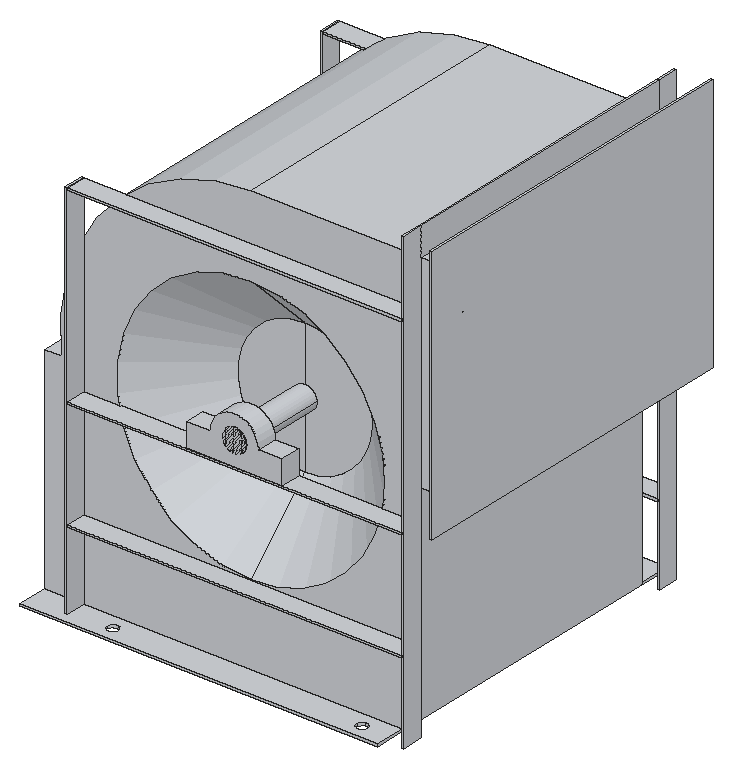
Revit family "CA_DWDI_CCW_THD", category Mechanical Equipment, Revit 2019
Family settings
  Round Connector Dimension = Use Radius
  Part Type = Normal
  Work Plane-Based = No
  Always vertical = Yes
  Cut with Voids When Loaded = No
  Shared = No
  Room Calculation Point = No
Parameters (values of type "120_CA-DWDI_CCW_THD_CLASS_1")
  X/2 = X / 2  # 0' - 10 31/32"
  X = 1' - 9 15/16"
  W/2 = W / 2  # 0' - 0 11/32"
  W = 0' - 0 11/16"
  V = 1' - 6"
  Unit Weight [instance] = ""
  U = 0' - 7 1/2"
  T = 0' - 9 31/32"
  Sones [instance] = ""
  S = 1' - 7 15/16"
  R/2 = R / 2  # 0' - 0 23/32"
  R+R = R + R  # 0' - 2 7/8"
  R = 0' - 1 7/16"
  P-N-M = P - N - M  # 0' - 1 1/4"
  P-N = -(P - N)  # -1' - 10 15/16"
  P = 2' - 4 11/16"
  N = 0' - 5 3/4"
  Motor RPM [instance] = ""
  Motor Enclosure [instance] = ""
  ModelID [instance] = ""
  M/2 = M / 2  # 0' - 10 27/32"
  M = 1' - 9 11/16"
  LwA [instance] = ""
  L = M / 2  # 0' - 10 27/32"
  K = 1' - 9 1/2"
  J = 1' - 0 3/8"
  INLET/2 = INLET / 2  # 0' - 8 1/16"
  INLET = 1' - 4 1/8"
  H = 2' - 0 1/2"
  G/5*3 = INLET / 2  # 0' - 8 1/16"
  G/10*3 = INLET / 4  # 0' - 4 1/32"
  G-2.5" = G - R  # 0' - 11 9/16"
  G-(G/5*3) = G - (INLET / 2)  # 0' - 4 15/16"
  G+((G/5*3)+2") = G + ((INLET / 2) + 0' 2")  # 1' - 11 1/16"
  G = 1' - 1"
  Fan RPM [instance] = ""
  F-((D-A)/2) = F - ((D - A) / 2)  # 2' - 1 7/8"
  F = 2' - 3 9/16"
  E/2 = E / 2  # 0' - 10 17/32"
  E = 1' - 9 1/16"
  D/2 = D / 2  # 0' - 7 3/4"
  D = 1' - 3 1/2"
  B/2 = B / 2  # 0' - 8 27/32"
  B+.25" = B + 0' 0 1/4"  # 1' - 5 15/16"
  B = 1' - 5 11/16"
  Accessories [instance] = ""
  A/2 = A / 2  # 0' - 6 1/16"
  A+.25" = A + 0' 0 1/4"  # 1' - 0 3/8"
  A = 1' - 0 1/8"
  3" = 0' - 3"  # constant formula
  Brake Hp [instance] = ""
  4" = 0' - 4"  # constant formula
  2' = 2' - 0"
  2" = 0' - 2"  # constant formula
  1" = 0' - 1"  # constant formula
  0 = 0' - 0"  # constant formula
  Voltage [instance] = 0 V
  URL = "www.lorencook.com"
  Type Comments = "Airfoil Centrifugal Blower Counter-Clockwise Top Horizontal Arrangement 3 Class 1"
  Static Pressure [instance] = 0.00 in-wg
  Power [instance] = Voltage * Motor FLA * sqrt(if(Phase = 3, 3, 1))  # 0 VA
  Phase [instance] = 0
  Number of Poles [instance] = 1
  Motor Hp [instance] = "0"
  Motor FLA [instance] = 0 A
  Model = "CA DWDI"  # constant formula
  Manufacturer = "Loren Cook Company"
  CFM [instance] = 0 CFM
  1.5 = 0' - 1 1/2"  # constant formula
  ONE EIGTH = 0' - 0 1/8"  # constant formula
  -P = -P  # -2' - 4 11/16"
  -((B+.25")/2) = -((B + 0' 0 1/4") / 2)  # -0' - 8 31/32"
  (M-(B+.25"))/2 = (M - (B + 0' 0 1/4")) / 2  # 0' - 1 7/8"
  (G/5*3)+2" = (INLET / 2) + 0' 2"  # 0' - 10 1/16"
  ((B+.25")/2) = ((B + 0' 0 1/4") / 2)  # 0' - 8 31/32"
Reference planes (in)
  plane 1 "Center (Front/Back)": y = 0
  plane 2: z = 0
  plane 3 "Center (Left/Right)": x = 0.40541
Forms (in)
  Extrusion 1, solid
    sketch origin (0, 0, 0) x (1, 0, 0) y (0, 0, 1)
      loop
        arc (0.40541, 25.875) -> (-8.18464, 22.00189) -> (-10.96959, 13) r 11.46238
        line (-10.96959, 13) -> (-11.96959, 13) -> (-11.96959, 0) -> (9.53041, 0) -> (9.53041, 13.5) -> (12.53041, 13.5) -> (12.53041, 25.875) -> (0.40541, 25.875)
    from -8.96875 <- "-((B+.25")/2)" to 8.96875 <- "((B+.25")/2)"
  Revolve 2, void
    sketch origin (0.40541, 0, 0) x (0, 1, 0) y (0, 0, 1)
      loop
        line (8.96875, 21.0625) -> (4.9375, 17.03125) -> (4.9375, 13) -> (8.96875, 13) -> (8.96875, 21.0625)
      loop
        line (-8.96875, 21.0625) -> (-8.96875, 13) -> (-4.9375, 13) -> (-4.9375, 17.03125) -> (-8.96875, 21.0625)
      axis (8.96875, 13) -> (-8.96875, 13)
    angle from 0 to 360
  Extrusion 3, solid
    sketch origin (12.53041, 0, 25.875) x (0, 0, -1) y (0, 1, 0)
      loop
        line (-1.6875, -10.53125) -> (13.8125, -10.53125) -> (13.8125, 10.53125) -> (-1.6875, 10.53125) -> (-1.6875, -10.53125)
    from 0 to -0.125
  Extrusion 4, solid
    sketch origin (0, 0, 0) x (1, 0, 0) y (0, 1, 0)
      loop
        line (9.53041, 10.84375) -> (-11.96959, 10.84375) -> (-11.96959, 8.96875) -> (9.53041, 8.96875) -> (9.53041, 10.84375)
      loop
        line (-11.96959, -10.84375) -> (9.53041, -10.84375) -> (9.53041, -8.96875) -> (-11.96959, -8.96875) -> (-11.96959, -10.84375)
    from 0 to 0.125
  Extrusion 5, void
    sketch origin (0, 0, 0) x (1, 0, 0) y (0, 1, 0)
      loop
        circle (7.90541, 9.96875) r 0.34375
      loop
        circle (-7.09459, 9.96875) r 0.34375
      loop
        circle (-25.09459, 9.96875) r 0.34375
      loop
        circle (-25.09459, -9.96875) r 0.34375
      loop
        circle (-7.09459, -9.96875) r 0.34375
      loop
        circle (7.90541, -9.96875) r 0.34375
    from 0 to 0.125
  Extrusion 6, solid
    sketch origin (0, -10.21875, 0) x (1, 0, 0) y (0, 0, 1)
      loop
        circle (0.40541, 13) r 0.71875
    from 0 <- "0" to -28.6875 <- "-P"
  Extrusion 7, solid
    sketch origin (0, -8.96875, 0) x (1, 0, 0) y (0, 0, 1)
      loop
        line (10.46791, 27.5625) -> (10.46791, 0) -> (10.59291, 0) -> (10.59291, 27.5625) -> (10.46791, 27.5625)
      loop
        line (-9.65709, 0) -> (-9.65709, 23.0625) -> (-9.78209, 23.0625) -> (-9.78209, 0) -> (-9.65709, 0)
    from 0 to 1.25 <- "P-N-M"
  Extrusion 8, solid
    sketch origin (0, -8.96875, 0) x (1, 0, 0) y (0, 0, 1)
      loop
        line (-9.65709, 23.0625) -> (-9.65709, 22.9375) -> (10.46791, 22.9375) -> (10.46791, 23.0625) -> (-9.65709, 23.0625)
      loop
        line (-9.65709, 4.9375) -> (-9.65709, 4.8125) -> (10.46791, 4.8125) -> (10.46791, 4.9375) -> (-9.65709, 4.9375)
      loop
        line (10.46791, 11.5625) -> (-9.65709, 11.5625) -> (-9.65709, 11.4375) -> (10.46791, 11.4375) -> (10.46791, 11.5625)
    from 0 to 1.25 <- "P-N-M"
  Extrusion 9, solid
    sketch origin (0, -8.96875, 0) x (1, 0, 0) y (0, 0, 1)
      loop
        arc (1.84291, 13) -> (0.40541, 14.4375) -> (-1.03209, 13) r 1.4375
        line (-1.03209, 13) -> (-2.46959, 13) -> (-2.46959, 11.5625) -> (3.28041, 11.5625) -> (3.28041, 13) -> (1.84291, 13)
    from 0 to 1.25 <- "P-N-M"
  Extrusion 10, solid
    sketch origin (0, 8.96875, 0) x (-1, 0, 0) y (0, 0, 1)
      loop
        line (-10.46791, 0.125) -> (-10.46791, 27.5625) -> (-10.59291, 27.5625) -> (-10.59291, 0.125) -> (-10.46791, 0.125)
      loop
        line (9.65709, 23.0625) -> (9.65709, 0.125) -> (9.78209, 0.125) -> (9.78209, 23.0625) -> (9.65709, 23.0625)
    from 0 to 1.25 <- "P-N-M"
  Extrusion 11, solid
    sketch origin (0, 8.96875, 0) x (-1, 0, 0) y (0, 0, 1)
      loop
        line (-10.46791, 23.0625) -> (-10.46791, 22.9375) -> (9.65709, 22.9375) -> (9.65709, 23.0625) -> (-10.46791, 23.0625)
      loop
        line (9.65709, 11.5625) -> (-10.46791, 11.5625) -> (-10.46791, 11.4375) -> (9.65709, 11.4375) -> (9.65709, 11.5625)
      loop
        line (-10.46791, 4.9375) -> (-10.46791, 4.8125) -> (9.65709, 4.8125) -> (9.65709, 4.9375) -> (-10.46791, 4.9375)
    from 0 to 1.25 <- "P-N-M"
  Extrusion 12, solid
    sketch origin (0, 8.96875, 0) x (-1, 0, 0) y (0, 0, 1)
      loop
        arc (1.03209, 13) -> (-0.40541, 14.4375) -> (-1.84291, 13) r 1.4375
        line (-1.84291, 13) -> (-3.28041, 13) -> (-3.28041, 11.5625) -> (2.46959, 11.5625) -> (2.46959, 13) -> (1.03209, 13)
    from 0 to 1.25 <- "P-N-M"
  Extrusion 13, solid
    sketch origin (10.46791, -8.96875, 0) x (0, 0, 1) y (0, 1, 0)
      loop
        line (27.5625, 17.9375) -> (25.875, 17.9375) -> (25.875, 0) -> (27.5625, 0) -> (27.5625, 17.9375)
    from 0 to -0.125
Cuts and joins
  Revolve 2, Extrusion 5 cuts Extrusion 1
  Extrusion 5 cuts Extrusion 4
Dimensions and locks (in)
  "F-((D-A)/2)": Extrusion 1 sketch curve to level
  "A+.25"": Extrusion 1 sketch curve to Extrusion 1 sketch curve
  "J": plane 3 "Center (Left/Right)" to Extrusion 1 sketch curve
  "K": Extrusion 1 sketch curve to Extrusion 1 sketch curve
  "H": Extrusion 1 sketch curve to Extrusion 1 sketch curve
  "G": Extrusion 1 sketch curve to level
  "1"": Extrusion 1 sketch curve to Extrusion 1 sketch curve
  "0": Extrusion 1 sketch curve to level
  "0": Extrusion 1 sketch curve to plane 3 "Center (Left/Right)"
  "0": Extrusion 1 to Revolve 2 sketch curve
  "0": Revolve 2 sketch curve to Extrusion 1
  "G": level to Revolve 2 sketch curve
  "G": Revolve 2 sketch curve to level  (x2)
  "G/10*3": Revolve 2 sketch curve to Revolve 2 sketch curve  (x4)
  "E/2": Extrusion 3 sketch curve to plane 1 "Center (Front/Back)"
  "E/2": plane 1 "Center (Front/Back)" to Extrusion 3 sketch curve
  "F": level to Extrusion 3 sketch curve
  "D": Extrusion 3 sketch curve to Extrusion 3 sketch curve
  "0": cut or joined group of Extrusion 1, Revolve 2, Extrusion 5 to Extrusion 4 sketch curve  (x3)
  "0": Extrusion 4 sketch curve to cut or joined group of Extrusion 1, Revolve 2, Extrusion 5  (x3)
  "M/2": Extrusion 4 sketch curve to plane 1 "Center (Front/Back)"
  "M/2": plane 1 "Center (Front/Back)" to Extrusion 4 sketch curve
  "T": plane 1 "Center (Front/Back)" to Extrusion 5 sketch curve  (x3)
  "T": Extrusion 5 sketch curve to plane 1 "Center (Front/Back)"  (x3)
  "U": Extrusion 5 sketch curve to plane 3 "Center (Left/Right)"  (x2)
  "U": plane 3 "Center (Left/Right)" to Extrusion 5 sketch curve  (x2)
  "V": Extrusion 5 sketch curve to Extrusion 5 sketch curve  (x2)
  "G": Extrusion 6 sketch curve to level
  "0": Extrusion 6 sketch curve to plane 3 "Center (Left/Right)"
  "0": Extrusion 7 sketch curve to Extrusion 3
  "0": Extrusion 7 sketch curve to level  (x2)
  "ONE EIGTH": Extrusion 7 sketch curve to Extrusion 7 sketch curve  (x2)
  "(G/5*3)+2"": Extrusion 7 sketch curve to plane 3 "Center (Left/Right)"
  "(G/5*3)+2"": plane 3 "Center (Left/Right)" to Extrusion 7 sketch curve
  "G+((G/5*3)+2")": Extrusion 7 sketch curve to level
  "(G/5*3)+2"": plane 3 "Center (Left/Right)" to Extrusion 8 sketch curve  (x3)
  "(G/5*3)+2"": Extrusion 8 sketch curve to plane 3 "Center (Left/Right)"  (x3)
  "0": Extrusion 8 sketch curve to Extrusion 7
  "ONE EIGTH": Extrusion 8 sketch curve to Extrusion 8 sketch curve  (x3)
  "G-(G/5*3)": Extrusion 8 sketch curve to level
  "G-2.5"": Extrusion 8 sketch curve to level
  "R+R": plane 3 "Center (Left/Right)" to Extrusion 9 sketch curve
  "R+R": Extrusion 9 sketch curve to plane 3 "Center (Left/Right)"
  "0": Extrusion 9 sketch curve to plane 3 "Center (Left/Right)"
  "G": Extrusion 9 sketch curve to cut or joined group of Extrusion 4, Extrusion 5
  "0": Extrusion 9 sketch curve to Extrusion 9 sketch curve  (x2)
  "0": Extrusion 9 sketch curve to Extrusion 8
  "ONE EIGTH": level to Extrusion 10 sketch curve  (x2)
  "0": Extrusion 8 to Extrusion 10 sketch curve
  "0": Extrusion 10 sketch curve to Extrusion 7
  "ONE EIGTH": Extrusion 10 sketch curve to Extrusion 10 sketch curve  (x2)
  "(G/5*3)+2"": Extrusion 10 sketch curve to plane 3 "Center (Left/Right)"
  "(G/5*3)+2"": plane 3 "Center (Left/Right)" to Extrusion 10 sketch curve
  "(G/5*3)+2"": Extrusion 11 sketch curve to plane 3 "Center (Left/Right)"  (x3)
  "(G/5*3)+2"": plane 3 "Center (Left/Right)" to Extrusion 11 sketch curve  (x3)
  "ONE EIGTH": Extrusion 11 sketch curve to Extrusion 11 sketch curve  (x3)
  "0": Extrusion 8 to Extrusion 11 sketch curve  (x3)
  "0": Extrusion 12 sketch curve to Extrusion 11
  "G": level to Extrusion 12 sketch curve  (x3)
  "R+R": plane 3 "Center (Left/Right)" to Extrusion 12 sketch curve
  "R+R": Extrusion 12 sketch curve to plane 3 "Center (Left/Right)"
  "0": Extrusion 12 sketch curve to plane 3 "Center (Left/Right)"
  "0": cut or joined group of Extrusion 1, Revolve 2, Extrusion 5 to Extrusion 13 sketch curve
  "0": Extrusion 13 sketch curve to cut or joined group of Extrusion 1, Revolve 2, Extrusion 5  (x2)
  "0": Extrusion 7 to Extrusion 13 sketch curve
  "INLET/2": Revolve 2 sketch curve to Revolve 2 sketch curve  (x2)
  "W/2": radius of Extrusion 5 sketch curve  (x6)
  "R/2": radius of Extrusion 6 sketch curve
  "R": radius of Extrusion 9 sketch curve
  "R": radius of Extrusion 12 sketch curve
Automatic sketch dimensions
  Extrusion 9 sketch curve to Extrusion 9 sketch curve = 0' - 0"
  plane 1 "Center (Front/Back)" to Revolve 2 sketch curve = 0' - 3.84814"
  Revolve 2 sketch curve to Revolve 2 sketch curve = 0' - 0"
Connectors (in)
  hvac at (0.40541, -8.96875, 13), driven by "INLET/2"
    settings: on cut or joined group of Extrusion 1, Revolve 2, Extrusion 5, index 1, duct flow 0 CFM, flow factor 0, pres drop 0.00 in-wg, loss coef 0, conn angle 0.00°, conn width 12", conn height 12", conn diameter 16 1/8", duct sys type 29, conn prof type 0, flow config 0, flow direction 1, loss method 0, conn ref index -1, conn util no, is conn primary yes, conn desc ""
  hvac at (12.53041, 0, 19.6875), driven by "A", driven by "B"
    settings: on cut or joined group of Extrusion 1, Revolve 2, Extrusion 5, index 2, duct flow 0 CFM, flow factor 0, pres drop 0.00 in-wg, loss coef 0, conn angle 0.00°, conn width 17 11/16", conn height 12 1/8", conn diameter 24", duct sys type 29, conn prof type 1, flow config 0, flow direction 2, loss method 0, conn ref index -1, conn util no, is conn primary no, conn desc ""
  hvac at (0.40541, 8.96875, 13), driven by "INLET/2"
    settings: on cut or joined group of Extrusion 1, Revolve 2, Extrusion 5, index 3, duct flow 0 CFM, flow factor 0, pres drop 0.00 in-wg, loss coef 0, conn angle 0.00°, conn width 12", conn height 12", conn diameter 16 1/8", duct sys type 29, conn prof type 0, flow config 0, flow direction 1, loss method 0, conn ref index -1, conn util no, is conn primary no, conn desc ""
Types (61): name | X/2 | X | W/2 | W | V | U | T | S | R/2 | R+R | R | P-N-M | P-N | P | N | M/2 | M | L | K | J | INLET/2 | INLET | H | G/5*3 | G/10*3 | G-2.5" | G-(G/5*3) | G+((G/5*3)+2") | G | F-((D-A)/2) | F | E/2 | E | D/2 | D | B/2 | B+.25" | B | A/2 | A+.25" | A | Type Comments | -P | -((B+.25")/2) | (M-(B+.25"))/2 | (G/5*3)+2" | ((B+.25")/2)
  (no name) | 0' - 10 31/32" | 1' - 9 15/16" | 0' - 0 11/32" | 0' - 0 11/16" | 1' - 6" | 0' - 7 1/2" | 0' - 9 31/32" | 1' - 7 15/16" | 0' - 0 23/32" | 0' - 2 7/8" | 0' - 1 7/16" | 0' - 1 1/4" | -1' - 10 15/16" | 2' - 4 11/16" | 0' - 5 3/4" | 0' - 10 27/32" | 1' - 9 11/16" | 0' - 10 27/32" | 1' - 9 1/2" | 1' - 0 3/8" | 0' - 8 1/16" | 1' - 4 1/8" | 2' - 0 1/2" | 0' - 8 1/16" | 0' - 4 1/32" | 0' - 11 9/16" | 0' - 4 15/16" | 1' - 11 1/16" | 1' - 1" | 2' - 1 7/8" | 2' - 3 9/16" | 0' - 10 17/32" | 1' - 9 1/16" | 0' - 7 3/4" | 1' - 3 1/2" | 0' - 8 27/32" | 1' - 5 15/16" | 1' - 5 11/16" | 0' - 6 1/16" | 1' - 0 3/8" | 1' - 0 1/8" | "Airfoil Centrifugal Blower Counter-Clockwise Top Horizontal Arrangement 3 Class 1" | -2' - 4 11/16" | -0' - 8 31/32" | 0' - 1 7/8" | 0' - 10 1/16" | 0' - 8 31/32"
  120_CA-DWDI_CCW_THD_CLASS_1 | 0' - 10 31/32" | 1' - 9 15/16" | 0' - 0 11/32" | 0' - 0 11/16" | 1' - 6" | 0' - 7 1/2" | 0' - 9 31/32" | 1' - 7 15/16" | 0' - 0 23/32" | 0' - 2 7/8" | 0' - 1 7/16" | 0' - 1 1/4" | -1' - 10 15/16" | 2' - 4 11/16" | 0' - 5 3/4" | 0' - 10 27/32" | 1' - 9 11/16" | 0' - 10 27/32" | 1' - 9 1/2" | 1' - 0 3/8" | 0' - 8 1/16" | 1' - 4 1/8" | 2' - 0 1/2" | 0' - 8 1/16" | 0' - 4 1/32" | 0' - 11 9/16" | 0' - 4 15/16" | 1' - 11 1/16" | 1' - 1" | 2' - 1 7/8" | 2' - 3 9/16" | 0' - 10 17/32" | 1' - 9 1/16" | 0' - 7 3/4" | 1' - 3 1/2" | 0' - 8 27/32" | 1' - 5 15/16" | 1' - 5 11/16" | 0' - 6 1/16" | 1' - 0 3/8" | 1' - 0 1/8" | "Airfoil Centrifugal Blower Counter-Clockwise Top Horizontal Arrangement 3 Class 1" | -2' - 4 11/16" | -0' - 8 31/32" | 0' - 1 7/8" | 0' - 10 1/16" | 0' - 8 31/32"
  135_CA-DWDI_CCW_THD_CLASS_1 | 1' - 0 3/32" | 2' - 0 3/16" | 0' - 0 11/32" | 0' - 0 11/16" | 1' - 6" | 0' - 8 1/2" | 0' - 11 3/32" | 1' - 10 3/16" | 0' - 0 23/32" | 0' - 2 7/8" | 0' - 1 7/16" | 0' - 1 1/4" | -2' - 1 3/16" | 2' - 6 15/16" | 0' - 5 3/4" | 0' - 11 31/32" | 1' - 11 15/16" | 0' - 11 31/32" | 2' - 0" | 1' - 1 7/8" | 0' - 8 13/16" | 1' - 5 5/8" | 2' - 3" | 0' - 8 13/16" | 0' - 4 13/32" | 1' - 0 9/16" | 0' - 5 3/16" | 2' - 0 13/16" | 1' - 2" | 2' - 4 1/2" | 2' - 6 3/16" | 0' - 11 21/32" | 1' - 11 5/16" | 0' - 8 1/2" | 1' - 5" | 0' - 9 31/32" | 1' - 8 3/16" | 1' - 7 15/16" | 0' - 6 13/16" | 1' - 1 7/8" | 1' - 1 5/8" | "Airfoil Centrifugal Blower Counter-Clockwise Top Horizontal Arrangement 3 Class 1" | -2' - 6 15/16" | -0' - 10 3/32" | 0' - 1 7/8" | 0' - 10 13/16" | 0' - 10 3/32"
  150_CA-DWDI_CCW_THD_CLASS_1 | 1' - 1 1/8" | 2' - 2 1/4" | 0' - 0 11/32" | 0' - 0 11/16" | 1' - 6" | 0' - 9" | 1' - 0 1/8" | 2' - 0 1/4" | 0' - 0 27/32" | 0' - 3 3/8" | 0' - 1 11/16" | 0' - 1 5/8" | -2' - 3 5/8" | 2' - 10 1/4" | 0' - 6 5/8" | 1' - 1" | 2' - 2" | 1' - 1" | 2' - 2" | 1' - 3 3/16" | 0' - 9 9/16" | 1' - 7 1/8" | 2' - 5" | 0' - 9 9/16" | 0' - 4 25/32" | 1' - 1 5/16" | 0' - 5 7/16" | 2' - 2 9/16" | 1' - 3" | 2' - 7 1/8" | 2' - 8 13/16" | 1' - 0 11/16" | 2' - 1 3/8" | 0' - 9 5/16" | 1' - 6 5/8" | 0' - 11" | 1' - 10 1/4" | 1' - 10" | 0' - 7 5/8" | 1' - 3 1/2" | 1' - 3 1/4" | "Airfoil Centrifugal Blower Counter-Clockwise Top Horizontal Arrangement 3 Class 1" | -2' - 10 1/4" | -0' - 11 1/8" | 0' - 1 7/8" | 0' - 11 9/16" | 0' - 11 1/8"
  165_CA-DWDI_CCW_THD_CLASS_1 | 1' - 2 1/8" | 2' - 4 1/4" | 0' - 0 11/32" | 0' - 0 11/16" | 1' - 6" | 0' - 10" | 1' - 1 1/8" | 2' - 2 1/4" | 0' - 0 27/32" | 0' - 3 3/8" | 0' - 1 11/16" | 0' - 1 5/8" | -2' - 5 5/8" | 3' - 0 1/4" | 0' - 6 5/8" | 1' - 2" | 2' - 4" | 1' - 2" | 2' - 4 1/2" | 1' - 4 5/8" | 0' - 10 19/32" | 1' - 9 3/16" | 2' - 7 1/2" | 0' - 10 19/32" | 0' - 5 19/64" | 1' - 3 5/16" | 0' - 6 13/32" | 2' - 5 19/32" | 1' - 5" | 2' - 10 3/4" | 3' - 0 7/16" | 1' - 1 11/16" | 2' - 3 3/8" | 0' - 10 5/32" | 1' - 8 5/16" | 1' - 0" | 2' - 0 1/4" | 2' - 0" | 0' - 8 15/32" | 1' - 5 3/16" | 1' - 4 15/16" | "Airfoil Centrifugal Blower Counter-Clockwise Top Horizontal Arrangement 3 Class 1" | -3' - 0 1/4" | -1' - 0 1/8" | 0' - 1 7/8" | 1' - 0 19/32" | 1' - 0 1/8"
  180_CA-DWDI_CCW_THD_CLASS_1 | 1' - 3 5/32" | 2' - 6 5/16" | 0' - 0 11/32" | 0' - 0 11/16" | 1' - 6" | 0' - 11" | 1' - 2 5/32" | 2' - 4 5/16" | 0' - 0 27/32" | 0' - 3 3/8" | 0' - 1 11/16" | 0' - 1 5/8" | -2' - 7 11/16" | 3' - 2 13/16" | 0' - 7 1/8" | 1' - 3 1/32" | 2' - 6 1/16" | 1' - 3 1/32" | 2' - 6 3/4" | 1' - 6 1/8" | 0' - 11 11/32" | 1' - 10 11/16" | 2' - 9 3/4" | 0' - 11 11/32" | 0' - 5 43/64" | 1' - 4 5/16" | 0' - 6 21/32" | 2' - 7 11/32" | 1' - 6" | 3' - 1 3/8" | 3' - 3 1/16" | 1' - 2 23/32" | 2' - 5 7/16" | 0' - 10 15/16" | 1' - 9 7/8" | 1' - 1 1/32" | 2' - 2 5/16" | 2' - 2 1/16" | 0' - 9 1/4" | 1' - 6 3/4" | 1' - 6 1/2" | "Airfoil Centrifugal Blower Counter-Clockwise Top Horizontal Arrangement 3 Class 1" | -3' - 2 13/16" | -1' - 1 5/32" | 0' - 1 7/8" | 1' - 1 11/32" | 1' - 1 5/32"
  195_CA-DWDI_CCW_THD_CLASS_1 | 1' - 4 11/32" | 2' - 8 11/16" | 0' - 0 11/32" | 0' - 0 11/16" | 0' - 6" | 0' - 11 1/2" | 1' - 3 11/32" | 2' - 6 11/16" | 0' - 0 31/32" | 0' - 3 7/8" | 0' - 1 15/16" | 0' - 2" | -2' - 10 7/16" | 3' - 5 11/16" | 0' - 7 1/4" | 1' - 4 7/32" | 2' - 8 7/16" | 1' - 4 7/32" | 2' - 9" | 1' - 7 7/16" | 1' - 0 3/32" | 2' - 0 3/16" | 3' - 0 1/4" | 1' - 0 3/32" | 0' - 6 3/64" | 1' - 6 1/16" | 0' - 7 29/32" | 2' - 10 3/32" | 1' - 8" | 3' - 5" | 3' - 6 11/16" | 1' - 3 29/32" | 2' - 7 13/16" | 0' - 11 7/16" | 1' - 10 7/8" | 1' - 2 7/32" | 2' - 4 11/16" | 2' - 4 7/16" | 0' - 9 3/4" | 1' - 7 3/4" | 1' - 7 1/2" | "Airfoil Centrifugal Blower Counter-Clockwise Top Horizontal Arrangement 3 Class 1" | -3' - 5 11/16" | -1' - 2 11/32" | 0' - 1 7/8" | 1' - 2 3/32" | 1' - 2 11/32"
  210_CA-DWDI_CCW_THD_CLASS_1 | 1' - 5 5/16" | 2' - 10 5/8" | 0' - 0 13/32" | 0' - 0 13/16" | 0' - 7" | 1' - 0" | 1' - 4 5/16" | 2' - 8 5/8" | 0' - 0 31/32" | 0' - 3 7/8" | 0' - 1 15/16" | 0' - 1 7/8" | -3' - 0 1/4" | 3' - 8 1/8" | 0' - 7 7/8" | 1' - 5 3/16" | 2' - 10 3/8" | 1' - 5 3/16" | 3' - 2" | 1' - 9" | 1' - 0 31/32" | 2' - 1 15/16" | 3' - 5" | 1' - 0 31/32" | 0' - 6 31/64" | 1' - 7 1/16" | 0' - 8 1/32" | 2' - 11 31/32" | 1' - 9" | 3' - 7 11/16" | 3' - 9 3/8" | 1' - 4 7/8" | 2' - 9 3/4" | 1' - 0 1/2" | 2' - 1" | 1' - 3 3/16" | 2' - 6 5/8" | 2' - 6 3/8" | 0' - 10 13/16" | 1' - 9 7/8" | 1' - 9 5/8" | "Airfoil Centrifugal Blower Counter-Clockwise Top Horizontal Arrangement 3 Class 1" | -3' - 8 1/8" | -1' - 3 5/16" | 0' - 1 7/8" | 1' - 2 31/32" | 1' - 3 5/16"
  225_CA-DWDI_CCW_THD_CLASS_1 | 1' - 6 3/8" | 3' - 0 3/4" | 0' - 0 13/32" | 0' - 0 13/16" | 0' - 7 1/2" | 1' - 0 1/2" | 1' - 5 3/8" | 2' - 10 3/4" | 0' - 0 31/32" | 0' - 3 7/8" | 0' - 1 15/16" | 0' - 3 7/8" | -3' - 4 3/8" | 4' - 0 1/4" | 0' - 7 7/8" | 1' - 6 1/4" | 3' - 0 1/2" | 1' - 6 1/4" | 3' - 4" | 1' - 10 3/8" | 1' - 1 23/32" | 2' - 3 7/16" | 3' - 7" | 1' - 1 23/32" | 0' - 6 55/64" | 1' - 9 1/16" | 0' - 9 9/32" | 3' - 2 23/32" | 1' - 11" | 3' - 11 5/16" | 4' - 1" | 1' - 5 15/16" | 2' - 11 7/8" | 1' - 1 9/32" | 2' - 2 9/16" | 1' - 4 1/4" | 2' - 8 3/4" | 2' - 8 1/2" | 0' - 11 19/32" | 1' - 11 7/16" | 1' - 11 3/16" | "Airfoil Centrifugal Blower Counter-Clockwise Top Horizontal Arrangement 3 Class 1" | -4' - 0 1/4" | -1' - 4 3/8" | 0' - 1 7/8" | 1' - 3 23/32" | 1' - 4 3/8"
  245_CA-DWDI_CCW_THD_CLASS_1 | 1' - 8 21/32" | 3' - 5 5/16" | 0' - 0 13/32" | 0' - 0 13/16" | 0' - 8" | 1' - 1 1/2" | 1' - 6 21/32" | 3' - 1 5/16" | 0' - 1 3/32" | 0' - 4 3/8" | 0' - 2 3/16" | 0' - 2 1/8" | -3' - 5 3/16" | 4' - 1 13/16" | 0' - 8 5/8" | 1' - 7 17/32" | 3' - 3 1/16" | 1' - 7 17/32" | 3' - 7" | 2' - 0 1/4" | 1' - 2 23/32" | 2' - 5 7/16" | 3' - 10" | 1' - 2 23/32" | 0' - 7 23/64" | 1' - 10 13/16" | 0' - 10 9/32" | 3' - 5 23/32" | 2' - 1" | 4' - 3 7/16" | 4' - 5 1/8" | 1' - 7 7/32" | 3' - 2 7/16" | 1' - 2 7/16" | 2' - 4 7/8" | 1' - 5 17/32" | 2' - 11 5/16" | 2' - 11 1/16" | 1' - 0 3/4" | 2' - 1 3/4" | 2' - 1 1/2" | "Airfoil Centrifugal Blower Counter-Clockwise Top Horizontal Arrangement 3 Class 1" | -4' - 1 13/16" | -1' - 5 21/32" | 0' - 1 7/8" | 1' - 4 23/32" | 1' - 5 21/32"
  270_CA-DWDI_CCW_THD_CLASS_1 | 1' - 10 27/32" | 3' - 9 11/16" | 0' - 0 13/32" | 0' - 0 13/16" | 0' - 9" | 1' - 3" | 1' - 8 27/32" | 3' - 5 11/16" | 0' - 1 3/32" | 0' - 4 3/8" | 0' - 2 3/16" | 0' - 2 1/8" | -3' - 9 9/16" | 4' - 6 3/16" | 0' - 8 5/8" | 1' - 9 23/32" | 3' - 7 7/16" | 1' - 9 23/32" | 3' - 11" | 2' - 2 5/8" | 1' - 3 31/32" | 2' - 7 15/16" | 4' - 2" | 1' - 3 31/32" | 0' - 7 63/64" | 2' - 0 13/16" | 0' - 11 1/32" | 3' - 8 31/32" | 2' - 3" | 4' - 8 3/16" | 4' - 9 7/8" | 1' - 9 13/32" | 3' - 6 13/16" | 1' - 3 7/16" | 2' - 6 7/8" | 1' - 7 23/32" | 3' - 3 11/16" | 3' - 3 7/16" | 1' - 1 3/4" | 2' - 3 3/4" | 2' - 3 1/2" | "Airfoil Centrifugal Blower Counter-Clockwise Top Horizontal Arrangement 3 Class 1" | -4' - 6 3/16" | -1' - 7 27/32" | 0' - 1 7/8" | 1' - 5 31/32" | 1' - 7 27/32"
  300_CA-DWDI_CCW_THD_CLASS_1 | 2' - 0 5/8" | 4' - 1 1/4" | 0' - 0 13/32" | 0' - 0 13/16" | 0' - 10" | 1' - 4 1/2" | 1' - 10 5/8" | 3' - 9 1/4" | 0' - 1 7/32" | 0' - 4 7/8" | 0' - 2 7/16" | 0' - 2 1/4" | -4' - 1 1/4" | 4' - 10 1/2" | 0' - 9 1/4" | 1' - 11 1/2" | 3' - 11" | 1' - 11 1/2" | 4' - 4" | 2' - 5 1/2" | 1' - 5 15/32" | 2' - 10 15/16" | 4' - 7 3/8" | 1' - 5 15/32" | 0' - 8 47/64" | 2' - 3 9/16" | 1' - 0 17/32" | 4' - 1 15/32" | 2' - 6" | 5' - 2 13/32" | 5' - 4 1/8" | 1' - 11 7/32" | 3' - 10 7/16" | 1' - 5 5/16" | 2' - 10 5/8" | 1' - 9 1/2" | 3' - 7 1/4" | 3' - 7" | 1' - 3 19/32" | 2' - 7 7/16" | 2' - 7 3/16" | "Airfoil Centrifugal Blower Counter-Clockwise Top Horizontal Arrangement 3 Class 1" | -4' - 10 1/2" | -1' - 9 5/8" | 0' - 1 7/8" | 1' - 7 15/32" | 1' - 9 5/8"
  330_CA-DWDI_CCW_THD_CLASS_1 | 2' - 2 23/32" | 4' - 5 7/16" | 0' - 0 13/32" | 0' - 0 13/16" | 1' - 0" | 1' - 6" | 2' - 0 21/32" | 4' - 1 5/16" | 0' - 1 11/32" | 0' - 5 3/8" | 0' - 2 11/16" | 0' - 2 7/16" | -4' - 5 1/2" | 5' - 3 9/16" | 0' - 10 1/16" | 2' - 1 17/32" | 4' - 3 1/16" | 2' - 1 17/32" | 4' - 9" | 2' - 8 5/16" | 1' - 6 31/32" | 3' - 1 15/16" | 5' - 0 3/4" | 1' - 6 31/32" | 0' - 9 31/64" | 2' - 6 5/16" | 1' - 2 1/32" | 4' - 5 31/32" | 2' - 9" | 5' - 8 21/32" | 5' - 10 7/8" | 2' - 1 3/4" | 4' - 3 1/2" | 1' - 7 15/32" | 3' - 2 15/16" | 1' - 11 17/32" | 3' - 11 5/16" | 3' - 11 1/16" | 1' - 5 1/4" | 2' - 10 3/4" | 2' - 10 1/2" | "Airfoil Centrifugal Blower Counter-Clockwise Top Horizontal Arrangement 3 Class 1" | -5' - 3 9/16" | -1' - 11 21/32" | 0' - 1 7/8" | 1' - 8 31/32" | 1' - 11 21/32"
  365_CA-DWDI_CCW_THD_CLASS_1 | 2' - 5 9/32" | 4' - 10 9/16" | 0' - 0 13/32" | 0' - 0 13/16" | 1' - 1" | 1' - 8" | 2' - 3 7/32" | 4' - 6 7/16" | 0' - 1 3/32" | 0' - 4 3/8" | 0' - 2 3/16" | 0' - 2 13/16" | -4' - 11" | 5' - 9 5/16" | 0' - 10 5/16" | 2' - 4 3/32" | 4' - 8 3/16" | 2' - 4 3/32" | 5' - 3" | 2' - 11 9/16" | 1' - 8 23/32" | 3' - 5 7/16" | 5' - 7" | 1' - 8 23/32" | 0' - 10 23/64" | 2' - 9 13/16" | 1' - 3 9/32" | 4' - 10 23/32" | 3' - 0" | 6' - 3 17/32" | 6' - 5 3/4" | 2' - 4 5/16" | 4' - 8 5/8" | 1' - 9 9/16" | 3' - 7 1/8" | 2' - 2 3/32" | 4' - 4 7/16" | 4' - 4 3/16" | 1' - 7 11/32" | 3' - 2 15/16" | 3' - 2 11/16" | "Airfoil Centrifugal Blower Counter-Clockwise Top Horizontal Arrangement 3 Class 1" | -5' - 9 5/16" | -2' - 2 7/32" | 0' - 1 7/8" | 1' - 10 23/32" | 2' - 2 7/32"
  402_CA-DWDI_CCW_THD_CLASS_1 | 2' - 8 19/32" | 5' - 5 3/16" | 0' - 0 17/32" | 0' - 1 1/16" | 1' - 2" | 1' - 10" | 2' - 6 21/32" | 5' - 1 5/16" | 0' - 1 7/32" | 0' - 4 7/8" | 0' - 2 7/16" | 0' - 1 7/8" | -5' - 5 11/16" | 6' - 3 11/16" | 0' - 10" | 2' - 7 29/32" | 5' - 3 13/16" | 2' - 7 29/32" | 5' - 9" | 3' - 3 3/16" | 1' - 10 19/32" | 3' - 9 3/16" | 6' - 1 7/8" | 1' - 10 19/32" | 0' - 11 19/64" | 3' - 1 9/16" | 1' - 5 13/32" | 5' - 4 19/32" | 3' - 4" | 6' - 11 17/32" | 7' - 1 3/4" | 2' - 7 1/8" | 5' - 2 1/4" | 1' - 11 3/32" | 3' - 10 3/16" | 2' - 4 29/32" | 4' - 10 1/16" | 4' - 9 13/16" | 1' - 8 7/8" | 3' - 6" | 3' - 5 3/4" | "Airfoil Centrifugal Blower Counter-Clockwise Top Horizontal Arrangement 3 Class 1" | -6' - 3 11/16" | -2' - 5 1/32" | 0' - 2 7/8" | 2' - 0 19/32" | 2' - 5 1/32"
  445_CA-DWDI_CCW_THD_CLASS_1 | 2' - 11 13/16" | 5' - 11 5/8" | 0' - 0 17/32" | 0' - 1 1/16" | 1' - 4" | 2' - 0" | 2' - 9 7/8" | 5' - 7 3/4" | 0' - 1 7/32" | 0' - 4 7/8" | 0' - 2 7/16" | 0' - 1 3/4" | -6' - 0" | 6' - 10 5/8" | 0' - 10 5/8" | 2' - 11 1/8" | 5' - 10 1/4" | 2' - 11 1/8" | 6' - 5" | 3' - 7 3/16" | 2' - 0 23/32" | 4' - 1 7/16" | 6' - 9 1/2" | 2' - 0 23/32" | 1' - 0 23/64" | 3' - 5 9/16" | 1' - 7 9/32" | 5' - 10 23/32" | 3' - 8" | 7' - 8 13/32" | 7' - 10 5/8" | 2' - 10 11/32" | 5' - 8 11/16" | 2' - 1 3/16" | 4' - 2 3/8" | 2' - 8 1/8" | 5' - 4 1/2" | 5' - 4 1/4" | 1' - 10 31/32" | 3' - 10 3/16" | 3' - 9 15/16" | "Airfoil Centrifugal Blower Counter-Clockwise Top Horizontal Arrangement 3 Class 1" | -6' - 10 5/8" | -2' - 8 1/4" | 0' - 2 7/8" | 2' - 2 23/32" | 2' - 8 1/4"
  490_CA-DWDI_CCW_THD_CLASS_1 | 3' - 2 3/4" | 6' - 5 1/2" | 0' - 0 17/32" | 0' - 1 1/16" | 1' - 6" | 2' - 2 1/2" | 3' - 0 13/16" | 6' - 1 5/8" | 0' - 1 15/32" | 0' - 5 7/8" | 0' - 2 15/16" | 0' - 1 7/8" | -6' - 6" | 7' - 5 1/2" | 0' - 11 1/2" | 3' - 2 1/16" | 6' - 4 1/8" | 3' - 2 1/16" | 7' - 1" | 3' - 11 9/16" | 2' - 3 1/2" | 4' - 7" | 7' - 5 3/4" | 2' - 3 1/2" | 1' - 1 3/4" | 3' - 9 1/16" | 1' - 8 1/2" | 6' - 5 1/2" | 4' - 0" | 8' - 5 1/32" | 8' - 7 1/4" | 3' - 1 9/32" | 6' - 2 9/16" | 2' - 3 23/32" | 4' - 7 7/16" | 2' - 11 1/16" | 5' - 10 3/8" | 5' - 10 1/8" | 2' - 1 1/2" | 4' - 3 1/4" | 4' - 3" | "Airfoil Centrifugal Blower Counter-Clockwise Top Horizontal Arrangement 3 Class 1" | -7' - 5 1/2" | -2' - 11 3/16" | 0' - 2 7/8" | 2' - 5 1/2" | 2' - 11 3/16"
  540_CA-DWDI_CCW_THD_CLASS_1 | 3' - 8 5/32" | 7' - 4 5/16" | 0' - 0 17/32" | 0' - 1 1/16" | 1' - 8" | 2' - 5" | 3' - 4 23/32" | 6' - 9 7/16" | 0' - 1 23/32" | 0' - 6 7/8" | 0' - 3 7/16" | 0' - 1 15/16" | -7' - 1 7/8" | 8' - 2 5/16" | 1' - 0 7/16" | 3' - 5 31/32" | 6' - 11 15/16" | 3' - 5 31/32" | 7' - 10" | 4' - 4 1/4" | 2' - 6" | 5' - 0" | 8' - 2 3/4" | 2' - 6" | 1' - 3" | 4' - 1 9/16" | 1' - 11" | 7' - 1" | 4' - 5" | 9' - 3 17/32" | 9' - 5 3/4" | 3' - 5 3/16" | 6' - 10 3/8" | 2' - 6 3/32" | 5' - 0 3/16" | 3' - 2 31/32" | 6' - 6 3/16" | 6' - 5 15/16" | 2' - 3 7/8" | 4' - 8" | 4' - 7 3/4" | "Airfoil Centrifugal Blower Counter-Clockwise Top Horizontal Arrangement 3 Class 1" | -8' - 2 5/16" | -3' - 3 3/32" | 0' - 2 7/8" | 2' - 8" | 3' - 3 3/32"
  600_CA-DWDI_CCW_THD_CLASS_1 | 4' - 0 5/16" | 8' - 0 5/8" | 0' - 0 17/32" | 0' - 1 1/16" | 1' - 10" | 2' - 8" | 3' - 8 7/8" | 7' - 5 3/4" | 0' - 1 23/32" | 0' - 6 7/8" | 0' - 3 7/16" | 0' - 2 1/4" | -7' - 10 1/2" | 8' - 11 1/2" | 1' - 1" | 3' - 10 1/8" | 7' - 8 1/4" | 3' - 10 1/8" | 8' - 9" | 4' - 9 15/16" | 2' - 9" | 5' - 6" | 9' - 1 5/8" | 2' - 9" | 1' - 4 1/2" | 4' - 7 9/16" | 2' - 2" | 7' - 10" | 4' - 11" | 10' - 4 1/32" | 10' - 6 1/4" | 3' - 9 11/32" | 7' - 6 11/16" | 2' - 9 5/16" | 5' - 6 5/8" | 3' - 7 1/8" | 7' - 2 1/2" | 7' - 2 1/4" | 2' - 7 3/32" | 5' - 2 7/16" | 5' - 2 3/16" | "Airfoil Centrifugal Blower Counter-Clockwise Top Horizontal Arrangement 3 Class 1" | -8' - 11 1/2" | -3' - 7 1/4" | 0' - 2 7/8" | 2' - 11" | 3' - 7 1/4"
  660_CA-DWDI_CCW_THD_CLASS_1 | 4' - 4 5/8" | 8' - 9 1/4" | 0' - 0 17/32" | 0' - 1 1/16" | 2' - 1" | 2' - 11" | 4' - 1 3/16" | 8' - 2 3/8" | 0' - 1 31/32" | 0' - 7 7/8" | 0' - 3 15/16" | 0' - 2 3/16" | -8' - 7 1/16" | 9' - 9 7/8" | 1' - 2 13/16" | 4' - 2 7/16" | 8' - 4 7/8" | 4' - 2 7/16" | 9' - 8" | 5' - 3 3/4" | 3' - 0" | 6' - 0" | 10' - 0 5/8" | 3' - 0" | 1' - 6" | 5' - 1 1/16" | 2' - 5" | 8' - 7" | 5' - 5" | 11' - 4 17/32" | 11' - 6 3/4" | 4' - 1 21/32" | 8' - 3 5/16" | 3' - 0 7/16" | 6' - 0 7/8" | 3' - 11 7/16" | 7' - 11 1/8" | 7' - 10 7/8" | 2' - 10 7/32" | 5' - 8 11/16" | 5' - 8 7/16" | "Airfoil Centrifugal Blower Counter-Clockwise Top Horizontal Arrangement 3 Class 1" | -9' - 9 7/8" | -3' - 11 9/16" | 0' - 2 7/8" | 3' - 2" | 3' - 11 9/16"
  730 _CA-DWDI_CCW_THD_CLASS_1 | 4' - 9 9/16" | 9' - 7 1/8" | 0' - 0 17/32" | 0' - 1 1/16" | 2' - 4" | 3' - 2 1/2" | 4' - 6 1/8" | 9' - 0 1/4" | 0' - 2 7/32" | 0' - 8 7/8" | 0' - 4 7/16" | 0' - 2 3/16" | -9' - 4 15/16" | 10' - 9 1/4" | 1' - 4 5/16" | 4' - 7 3/8" | 9' - 2 3/4" | 4' - 7 3/8" | 10' - 9" | 5' - 10 3/8" | 3' - 3 1/2" | 6' - 7" | 11' - 1 1/4" | 3' - 3 1/2" | 1' - 7 3/4" | 5' - 7 9/16" | 2' - 8 1/2" | 9' - 5 1/2" | 6' - 0" | 12' - 7 5/32" | 12' - 9 3/8" | 4' - 6 19/32" | 9' - 1 3/16" | 3' - 4 1/8" | 6' - 8 1/4" | 4' - 4 3/8" | 8' - 9" | 8' - 8 3/4" | 3' - 1 29/32" | 6' - 4 1/16" | 6' - 3 13/16" | "Airfoil Centrifugal Blower Counter-Clockwise Top Horizontal Arrangement 3 Class 1" | -10' - 9 1/4" | -4' - 4 1/2" | 0' - 2 7/8" | 3' - 5 1/2" | 4' - 4 1/2"
  120_CA-DWDI_CCW_THD_CLASS_2 | 0' - 10 31/32" | 1' - 9 15/16" | 0' - 0 11/32" | 0' - 0 11/16" | 1' - 6" | 0' - 7 1/2" | 0' - 9 31/32" | 1' - 7 15/16" | 0' - 0 27/32" | 0' - 3 3/8" | 0' - 1 11/16" | 0' - 1 5/8" | -1' - 11 5/16" | 2' - 5 7/16" | 0' - 6 1/8" | 0' - 10 27/32" | 1' - 9 11/16" | 0' - 10 27/32" | 1' - 9 1/2" | 1' - 0 3/8" | 0' - 8 1/16" | 1' - 4 1/8" | 2' - 0 1/2" | 0' - 8 1/16" | 0' - 4 1/32" | 0' - 11 5/16" | 0' - 4 15/16" | 1' - 11 1/16" | 1' - 1" | 2' - 1 7/8" | 2' - 3 9/16" | 0' - 10 17/32" | 1' - 9 1/16" | 0' - 7 3/4" | 1' - 3 1/2" | 0' - 8 27/32" | 1' - 5 15/16" | 1' - 5 11/16" | 0' - 6 1/16" | 1' - 0 3/8" | 1' - 0 1/8" | "Airfoil Centrifugal Blower Counter-Clockwise Top Horizontal Arrangement 3 Class 2" | -2' - 5 7/16" | -0' - 8 31/32" | 0' - 1 7/8" | 0' - 10 1/16" | 0' - 8 31/32"
  120_CA-DWDI_CCW_THD_CLASS_3 | 0' - 10 31/32" | 1' - 9 15/16" | 0' - 0 11/32" | 0' - 0 11/16" | 1' - 6" | 0' - 7 1/2" | 0' - 9 31/32" | 1' - 7 15/16" | 0' - 0 31/32" | 0' - 3 7/8" | 0' - 1 15/16" | 0' - 1 7/8" | -1' - 11 9/16" | 2' - 5 15/16" | 0' - 6 3/8" | 0' - 10 27/32" | 1' - 9 11/16" | 0' - 10 27/32" | 1' - 9 1/2" | 1' - 0 3/8" | 0' - 8 1/16" | 1' - 4 1/8" | 2' - 0 1/2" | 0' - 8 1/16" | 0' - 4 1/32" | 0' - 11 1/16" | 0' - 4 15/16" | 1' - 11 1/16" | 1' - 1" | 2' - 1 7/8" | 2' - 3 9/16" | 0' - 10 17/32" | 1' - 9 1/16" | 0' - 7 3/4" | 1' - 3 1/2" | 0' - 8 27/32" | 1' - 5 15/16" | 1' - 5 11/16" | 0' - 6 1/16" | 1' - 0 3/8" | 1' - 0 1/8" | "Airfoil Centrifugal Blower Counter-Clockwise Top Horizontal Arrangement 3 Class 3" | -2' - 5 15/16" | -0' - 8 31/32" | 0' - 1 7/8" | 0' - 10 1/16" | 0' - 8 31/32"
  135_CA-DWDI_CCW_THD_CLASS_2 | 1' - 0 3/32" | 2' - 0 3/16" | 0' - 0 11/32" | 0' - 0 11/16" | 1' - 6" | 0' - 8 1/2" | 0' - 11 3/32" | 1' - 10 3/16" | 0' - 0 27/32" | 0' - 3 3/8" | 0' - 1 11/16" | 0' - 1 5/8" | -2' - 1 9/16" | 2' - 7 11/16" | 0' - 6 1/8" | 0' - 11 31/32" | 1' - 11 15/16" | 0' - 11 31/32" | 2' - 0" | 1' - 1 7/8" | 0' - 8 13/16" | 1' - 5 5/8" | 2' - 3" | 0' - 8 13/16" | 0' - 4 13/32" | 1' - 0 5/16" | 0' - 5 3/16" | 2' - 0 13/16" | 1' - 2" | 2' - 4 1/2" | 2' - 6 3/16" | 0' - 11 21/32" | 1' - 11 5/16" | 0' - 8 1/2" | 1' - 5" | 0' - 9 31/32" | 1' - 8 3/16" | 1' - 7 15/16" | 0' - 6 13/16" | 1' - 1 7/8" | 1' - 1 5/8" | "Airfoil Centrifugal Blower Counter-Clockwise Top Horizontal Arrangement 3 Class 2" | -2' - 7 11/16" | -0' - 10 3/32" | 0' - 1 7/8" | 0' - 10 13/16" | 0' - 10 3/32"
  135_CA-DWDI_CCW_THD_CLASS_3 | 1' - 0 3/32" | 2' - 0 3/16" | 0' - 0 11/32" | 0' - 0 11/16" | 1' - 6" | 0' - 8 1/2" | 0' - 11 3/32" | 1' - 10 3/16" | 0' - 1 3/32" | 0' - 4 3/8" | 0' - 2 3/16" | 0' - 2 1/8" | -2' - 2 1/16" | 2' - 8 11/16" | 0' - 6 5/8" | 0' - 11 31/32" | 1' - 11 15/16" | 0' - 11 31/32" | 2' - 0" | 1' - 1 7/8" | 0' - 8 13/16" | 1' - 5 5/8" | 2' - 3" | 0' - 8 13/16" | 0' - 4 13/32" | 0' - 11 13/16" | 0' - 5 3/16" | 2' - 0 13/16" | 1' - 2" | 2' - 4 1/2" | 2' - 6 3/16" | 0' - 11 21/32" | 1' - 11 5/16" | 0' - 8 1/2" | 1' - 5" | 0' - 9 31/32" | 1' - 8 3/16" | 1' - 7 15/16" | 0' - 6 13/16" | 1' - 1 7/8" | 1' - 1 5/8" | "Airfoil Centrifugal Blower Counter-Clockwise Top Horizontal Arrangement 3 Class 3" | -2' - 8 11/16" | -0' - 10 3/32" | 0' - 1 7/8" | 0' - 10 13/16" | 0' - 10 3/32"
  150_CA-DWDI_CCW_THD_CLASS_2 | 1' - 1 1/8" | 2' - 2 1/4" | 0' - 0 11/32" | 0' - 0 11/16" | 1' - 6" | 0' - 9" | 1' - 0 1/8" | 2' - 0 1/4" | 0' - 0 31/32" | 0' - 3 7/8" | 0' - 1 15/16" | 0' - 1 7/8" | -2' - 3 7/8" | 2' - 10 3/4" | 0' - 6 7/8" | 1' - 1" | 2' - 2" | 1' - 1" | 2' - 2" | 1' - 3 3/16" | 0' - 9 9/16" | 1' - 7 1/8" | 2' - 5" | 0' - 9 9/16" | 0' - 4 25/32" | 1' - 1 1/16" | 0' - 5 7/16" | 2' - 2 9/16" | 1' - 3" | 2' - 7 1/8" | 2' - 8 13/16" | 1' - 0 11/16" | 2' - 1 3/8" | 0' - 9 5/16" | 1' - 6 5/8" | 0' - 11" | 1' - 10 1/4" | 1' - 10" | 0' - 7 5/8" | 1' - 3 1/2" | 1' - 3 1/4" | "Airfoil Centrifugal Blower Counter-Clockwise Top Horizontal Arrangement 3 Class 2" | -2' - 10 3/4" | -0' - 11 1/8" | 0' - 1 7/8" | 0' - 11 9/16" | 0' - 11 1/8"
  150_CA-DWDI_CCW_THD_CLASS_3 | 1' - 1 1/8" | 2' - 2 1/4" | 0' - 0 11/32" | 0' - 0 11/16" | 1' - 6" | 0' - 9" | 1' - 0 1/8" | 2' - 0 1/4" | 0' - 1 7/32" | 0' - 4 7/8" | 0' - 2 7/16" | 0' - 2 1/4" | -2' - 4 1/4" | 2' - 11 1/2" | 0' - 7 1/4" | 1' - 1" | 2' - 2" | 1' - 1" | 2' - 2" | 1' - 3 3/16" | 0' - 9 9/16" | 1' - 7 1/8" | 2' - 5" | 0' - 9 9/16" | 0' - 4 25/32" | 1' - 0 9/16" | 0' - 5 7/16" | 2' - 2 9/16" | 1' - 3" | 2' - 7 1/8" | 2' - 8 13/16" | 1' - 0 11/16" | 2' - 1 3/8" | 0' - 9 5/16" | 1' - 6 5/8" | 0' - 11" | 1' - 10 1/4" | 1' - 10" | 0' - 7 5/8" | 1' - 3 1/2" | 1' - 3 1/4" | "Airfoil Centrifugal Blower Counter-Clockwise Top Horizontal Arrangement 3 Class 3" | -2' - 11 1/2" | -0' - 11 1/8" | 0' - 1 7/8" | 0' - 11 9/16" | 0' - 11 1/8"
  165_CA-DWDI_CCW_THD_CLASS_2 | 1' - 2 1/8" | 2' - 4 1/4" | 0' - 0 11/32" | 0' - 0 11/16" | 1' - 6" | 0' - 10" | 1' - 1 1/8" | 2' - 2 1/4" | 0' - 0 31/32" | 0' - 3 7/8" | 0' - 1 15/16" | 0' - 1 7/8" | -2' - 5 7/8" | 3' - 0 3/4" | 0' - 6 7/8" | 1' - 2" | 2' - 4" | 1' - 2" | 2' - 4 1/2" | 1' - 4 5/8" | 0' - 10 19/32" | 1' - 9 3/16" | 2' - 7 1/2" | 0' - 10 19/32" | 0' - 5 19/64" | 1' - 3 1/16" | 0' - 6 13/32" | 2' - 5 19/32" | 1' - 5" | 2' - 10 3/4" | 3' - 0 7/16" | 1' - 1 11/16" | 2' - 3 3/8" | 0' - 10 5/32" | 1' - 8 5/16" | 1' - 0" | 2' - 0 1/4" | 2' - 0" | 0' - 8 15/32" | 1' - 5 3/16" | 1' - 4 15/16" | "Airfoil Centrifugal Blower Counter-Clockwise Top Horizontal Arrangement 3 Class 2" | -3' - 0 3/4" | -1' - 0 1/8" | 0' - 1 7/8" | 1' - 0 19/32" | 1' - 0 1/8"
  165_CA-DWDI_CCW_THD_CLASS_3 | 1' - 2 1/8" | 2' - 4 1/4" | 0' - 0 11/32" | 0' - 0 11/16" | 1' - 6" | 0' - 10" | 1' - 1 1/8" | 2' - 2 1/4" | 0' - 1 7/32" | 0' - 4 7/8" | 0' - 2 7/16" | 0' - 2 5/16" | -2' - 6 5/16" | 3' - 1 1/2" | 0' - 7 3/16" | 1' - 2" | 2' - 4" | 1' - 2" | 2' - 4 1/2" | 1' - 4 5/8" | 0' - 10 19/32" | 1' - 9 3/16" | 2' - 7 1/2" | 0' - 10 19/32" | 0' - 5 19/64" | 1' - 2 9/16" | 0' - 6 13/32" | 2' - 5 19/32" | 1' - 5" | 2' - 10 3/4" | 3' - 0 7/16" | 1' - 1 11/16" | 2' - 3 3/8" | 0' - 10 5/32" | 1' - 8 5/16" | 1' - 0" | 2' - 0 1/4" | 2' - 0" | 0' - 8 15/32" | 1' - 5 3/16" | 1' - 4 15/16" | "Airfoil Centrifugal Blower Counter-Clockwise Top Horizontal Arrangement 3 Class 3" | -3' - 1 1/2" | -1' - 0 1/8" | 0' - 1 7/8" | 1' - 0 19/32" | 1' - 0 1/8"
  180_CA-DWDI_CCW_THD_CLASS_2 | 1' - 3 5/32" | 2' - 6 5/16" | 0' - 0 11/32" | 0' - 0 11/16" | 1' - 6" | 0' - 11" | 1' - 2 5/32" | 2' - 4 5/16" | 0' - 0 31/32" | 0' - 3 7/8" | 0' - 1 15/16" | 0' - 1 7/8" | -2' - 7 15/16" | 3' - 3 5/16" | 0' - 7 3/8" | 1' - 3 1/32" | 2' - 6 1/16" | 1' - 3 1/32" | 2' - 6 3/4" | 1' - 6 1/8" | 0' - 11 11/32" | 1' - 10 11/16" | 2' - 9 3/4" | 0' - 11 11/32" | 0' - 5 43/64" | 1' - 4 1/16" | 0' - 6 21/32" | 2' - 7 11/32" | 1' - 6" | 3' - 1 3/8" | 3' - 3 1/16" | 1' - 2 23/32" | 2' - 5 7/16" | 0' - 10 15/16" | 1' - 9 7/8" | 1' - 1 1/32" | 2' - 2 5/16" | 2' - 2 1/16" | 0' - 9 1/4" | 1' - 6 3/4" | 1' - 6 1/2" | "Airfoil Centrifugal Blower Counter-Clockwise Top Horizontal Arrangement 3 Class 2" | -3' - 3 5/16" | -1' - 1 5/32" | 0' - 1 7/8" | 1' - 1 11/32" | 1' - 1 5/32"
  180_CA-DWDI_CCW_THD_CLASS_3 | 1' - 3 5/32" | 2' - 6 5/16" | 0' - 0 11/32" | 0' - 0 11/16" | 1' - 6" | 0' - 11" | 1' - 2 5/32" | 2' - 4 5/16" | 0' - 1 7/32" | 0' - 4 7/8" | 0' - 2 7/16" | 0' - 2 1/4" | -2' - 8 5/16" | 3' - 4 1/16" | 0' - 7 3/4" | 1' - 3 1/32" | 2' - 6 1/16" | 1' - 3 1/32" | 2' - 6 3/4" | 1' - 6 1/8" | 0' - 11 11/32" | 1' - 10 11/16" | 2' - 9 3/4" | 0' - 11 11/32" | 0' - 5 43/64" | 1' - 3 9/16" | 0' - 6 21/32" | 2' - 7 11/32" | 1' - 6" | 3' - 1 3/8" | 3' - 3 1/16" | 1' - 2 23/32" | 2' - 5 7/16" | 0' - 10 15/16" | 1' - 9 7/8" | 1' - 1 1/32" | 2' - 2 5/16" | 2' - 2 1/16" | 0' - 9 1/4" | 1' - 6 3/4" | 1' - 6 1/2" | "Airfoil Centrifugal Blower Counter-Clockwise Top Horizontal Arrangement 3 Class 3" | -3' - 4 1/16" | -1' - 1 5/32" | 0' - 1 7/8" | 1' - 1 11/32" | 1' - 1 5/32"
  195_CA-DWDI_CCW_THD_CLASS_2 | 1' - 4 11/32" | 2' - 8 11/16" | 0' - 0 11/32" | 0' - 0 11/16" | 0' - 6" | 0' - 11 1/2" | 1' - 3 11/32" | 2' - 6 11/16" | 0' - 1 3/32" | 0' - 4 3/8" | 0' - 2 3/16" | 0' - 2 1/8" | -2' - 10 9/16" | 3' - 6 3/16" | 0' - 7 5/8" | 1' - 4 7/32" | 2' - 8 7/16" | 1' - 4 7/32" | 2' - 9" | 1' - 7 7/16" | 1' - 0 3/32" | 2' - 0 3/16" | 3' - 0 1/4" | 1' - 0 3/32" | 0' - 6 3/64" | 1' - 5 13/16" | 0' - 7 29/32" | 2' - 10 3/32" | 1' - 8" | 3' - 5" | 3' - 6 11/16" | 1' - 3 29/32" | 2' - 7 13/16" | 0' - 11 7/16" | 1' - 10 7/8" | 1' - 2 7/32" | 2' - 4 11/16" | 2' - 4 7/16" | 0' - 9 3/4" | 1' - 7 3/4" | 1' - 7 1/2" | "Airfoil Centrifugal Blower Counter-Clockwise Top Horizontal Arrangement 3 Class 2" | -3' - 6 3/16" | -1' - 2 11/32" | 0' - 1 7/8" | 1' - 2 3/32" | 1' - 2 11/32"
  195_CA-DWDI_CCW_THD_CLASS_3 | 1' - 4 11/32" | 2' - 8 11/16" | 0' - 0 11/32" | 0' - 0 11/16" | 0' - 6" | 0' - 11 1/2" | 1' - 3 11/32" | 2' - 6 11/16" | 0' - 1 11/32" | 0' - 5 3/8" | 0' - 2 11/16" | 0' - 2 1/2" | -2' - 10 15/16" | 3' - 6 15/16" | 0' - 8" | 1' - 4 7/32" | 2' - 8 7/16" | 1' - 4 7/32" | 2' - 9" | 1' - 7 7/16" | 1' - 0 3/32" | 2' - 0 3/16" | 3' - 0 1/4" | 1' - 0 3/32" | 0' - 6 3/64" | 1' - 5 5/16" | 0' - 7 29/32" | 2' - 10 3/32" | 1' - 8" | 3' - 5" | 3' - 6 11/16" | 1' - 3 29/32" | 2' - 7 13/16" | 0' - 11 7/16" | 1' - 10 7/8" | 1' - 2 7/32" | 2' - 4 11/16" | 2' - 4 7/16" | 0' - 9 3/4" | 1' - 7 3/4" | 1' - 7 1/2" | "Airfoil Centrifugal Blower Counter-Clockwise Top Horizontal Arrangement 3 Class 3" | -3' - 6 15/16" | -1' - 2 11/32" | 0' - 1 7/8" | 1' - 2 3/32" | 1' - 2 11/32"
  210_CA-DWDI_CCW_THD_CLASS_2 | 1' - 5 5/16" | 2' - 10 5/8" | 0' - 0 13/32" | 0' - 0 13/16" | 0' - 7" | 1' - 0" | 1' - 4 5/16" | 2' - 8 5/8" | 0' - 1 3/32" | 0' - 4 3/8" | 0' - 2 3/16" | 0' - 2 1/8" | -3' - 0 1/2" | 3' - 8 5/8" | 0' - 8 1/8" | 1' - 5 3/16" | 2' - 10 3/8" | 1' - 5 3/16" | 3' - 2" | 1' - 9" | 1' - 0 31/32" | 2' - 1 15/16" | 3' - 5" | 1' - 0 31/32" | 0' - 6 31/64" | 1' - 6 13/16" | 0' - 8 1/32" | 2' - 11 31/32" | 1' - 9" | 3' - 7 11/16" | 3' - 9 3/8" | 1' - 4 7/8" | 2' - 9 3/4" | 1' - 0 1/2" | 2' - 1" | 1' - 3 3/16" | 2' - 6 5/8" | 2' - 6 3/8" | 0' - 10 13/16" | 1' - 9 7/8" | 1' - 9 5/8" | "Airfoil Centrifugal Blower Counter-Clockwise Top Horizontal Arrangement 3 Class 2" | -3' - 8 5/8" | -1' - 3 5/16" | 0' - 1 7/8" | 1' - 2 31/32" | 1' - 3 5/16"
  210_CA-DWDI_CCW_THD_CLASS_3 | 1' - 5 5/16" | 2' - 10 5/8" | 0' - 0 13/32" | 0' - 0 13/16" | 0' - 7" | 1' - 0" | 1' - 4 5/16" | 2' - 8 5/8" | 0' - 1 11/32" | 0' - 5 3/8" | 0' - 2 11/16" | 0' - 2 1/2" | -3' - 0 7/8" | 3' - 9 3/8" | 0' - 8 1/2" | 1' - 5 3/16" | 2' - 10 3/8" | 1' - 5 3/16" | 3' - 2" | 1' - 9" | 1' - 0 31/32" | 2' - 1 15/16" | 3' - 5" | 1' - 0 31/32" | 0' - 6 31/64" | 1' - 6 5/16" | 0' - 8 1/32" | 2' - 11 31/32" | 1' - 9" | 3' - 7 11/16" | 3' - 9 3/8" | 1' - 4 7/8" | 2' - 9 3/4" | 1' - 0 1/2" | 2' - 1" | 1' - 3 3/16" | 2' - 6 5/8" | 2' - 6 3/8" | 0' - 10 13/16" | 1' - 9 7/8" | 1' - 9 5/8" | "Airfoil Centrifugal Blower Counter-Clockwise Top Horizontal Arrangement 3 Class 3" | -3' - 9 3/8" | -1' - 3 5/16" | 0' - 1 7/8" | 1' - 2 31/32" | 1' - 3 5/16"
  225_CA-DWDI_CCW_THD_CLASS_2 | 1' - 6 3/8" | 3' - 0 3/4" | 0' - 0 13/32" | 0' - 0 13/16" | 0' - 7 1/2" | 1' - 0 1/2" | 1' - 5 3/8" | 2' - 10 3/4" | 0' - 1 7/32" | 0' - 4 7/8" | 0' - 2 7/16" | 0' - 2 1/4" | -3' - 2 3/4" | 3' - 11" | 0' - 8 1/4" | 1' - 6 1/4" | 3' - 0 1/2" | 1' - 6 1/4" | 3' - 4" | 1' - 10 3/8" | 1' - 1 23/32" | 2' - 3 7/16" | 3' - 7" | 1' - 1 23/32" | 0' - 6 55/64" | 1' - 8 9/16" | 0' - 9 9/32" | 3' - 2 23/32" | 1' - 11" | 3' - 11 5/16" | 4' - 1" | 1' - 5 15/16" | 2' - 11 7/8" | 1' - 1 9/32" | 2' - 2 9/16" | 1' - 4 1/4" | 2' - 8 3/4" | 2' - 8 1/2" | 0' - 11 19/32" | 1' - 11 7/16" | 1' - 11 3/16" | "Airfoil Centrifugal Blower Counter-Clockwise Top Horizontal Arrangement 3 Class 2" | -3' - 11" | -1' - 4 3/8" | 0' - 1 7/8" | 1' - 3 23/32" | 1' - 4 3/8"
  225_CA-DWDI_CCW_THD_CLASS_3 | 1' - 6 3/8" | 3' - 0 3/4" | 0' - 0 13/32" | 0' - 0 13/16" | 0' - 7 1/2" | 1' - 0 1/2" | 1' - 5 3/8" | 2' - 10 3/4" | 0' - 1 15/32" | 0' - 5 7/8" | 0' - 2 15/16" | 0' - 2 1/2" | -3' - 3" | 3' - 11 1/2" | 0' - 8 1/2" | 1' - 6 1/4" | 3' - 0 1/2" | 1' - 6 1/4" | 3' - 4" | 1' - 10 3/8" | 1' - 1 23/32" | 2' - 3 7/16" | 3' - 7" | 1' - 1 23/32" | 0' - 6 55/64" | 1' - 8 1/16" | 0' - 9 9/32" | 3' - 2 23/32" | 1' - 11" | 3' - 11 5/16" | 4' - 1" | 1' - 5 15/16" | 2' - 11 7/8" | 1' - 1 9/32" | 2' - 2 9/16" | 1' - 4 1/4" | 2' - 8 3/4" | 2' - 8 1/2" | 0' - 11 19/32" | 1' - 11 7/16" | 1' - 11 3/16" | "Airfoil Centrifugal Blower Counter-Clockwise Top Horizontal Arrangement 3 Class 3" | -3' - 11 1/2" | -1' - 4 3/8" | 0' - 1 7/8" | 1' - 3 23/32" | 1' - 4 3/8"
  245_CA-DWDI_CCW_THD_CLASS_2 | 1' - 8 21/32" | 3' - 5 5/16" | 0' - 0 13/32" | 0' - 0 13/16" | 0' - 8" | 1' - 1 1/2" | 1' - 6 21/32" | 3' - 1 5/16" | 0' - 1 7/32" | 0' - 4 7/8" | 0' - 2 7/16" | 0' - 2 1/4" | -3' - 5 5/16" | 4' - 2 1/16" | 0' - 8 3/4" | 1' - 7 17/32" | 3' - 3 1/16" | 1' - 7 17/32" | 3' - 7" | 2' - 0 1/4" | 1' - 2 23/32" | 2' - 5 7/16" | 3' - 10" | 1' - 2 23/32" | 0' - 7 23/64" | 1' - 10 9/16" | 0' - 10 9/32" | 3' - 5 23/32" | 2' - 1" | 4' - 3 7/16" | 4' - 5 1/8" | 1' - 7 7/32" | 3' - 2 7/16" | 1' - 2 7/16" | 2' - 4 7/8" | 1' - 5 17/32" | 2' - 11 5/16" | 2' - 11 1/16" | 1' - 0 3/4" | 2' - 1 3/4" | 2' - 1 1/2" | "Airfoil Centrifugal Blower Counter-Clockwise Top Horizontal Arrangement 3 Class 2" | -4' - 2 1/16" | -1' - 5 21/32" | 0' - 1 7/8" | 1' - 4 23/32" | 1' - 5 21/32"
